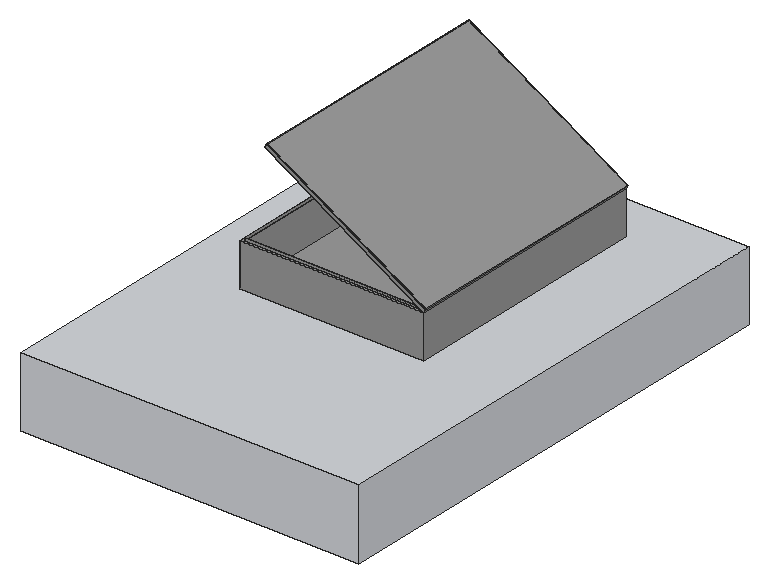
Revit family "Hager-Univers-IP44-D205-H1100-Cl.II-Encl-PT-pt", category Equipement électrique, Revit 2020
Family settings
  Hôte = Face
  Configuration du panneau = Deux colonnes, circuits au sein
  Cote de connecteur circulaire = Utiliser le diamètre
  Type d'élément = Tableau de raccordement
  Couper avec des vides une fois chargée = Non
  Partagée = Non
  Point de calcul de pièce = Non
Parameters (values of type "Montagem em superfície (gesso) IP44 L800 A1100 P205  - FP73SN2")
  Width Control [instance] = if([EF000008 - Largura] > Min Width, [EF000008 - Largura], Min Width)  # 800 mm
  Commentaires du type = [HG000003 - Gama]  # "Univers"
  Thickness Door [instance] = if([EF009171 - Espessura do material da porta/tampa] > 3 mm, 3 mm, [EF009171 - Espessura do material da porta/tampa])  # 1 mm
  Seal Frame Offset [instance] = 17 mm  # constant formula
  Plinth Visibility [instance] = [HG000027 - Altura da Plinta] > 0 mm  # no
  Model = ""
  Min Width [instance] = 100 mm  # constant formula
  Min Height [instance] = 100 mm  # constant formula
  Min Depth [instance] = (2 * [EF009170 - Espessura do material do invólucro]) + 1 mm  # 3 mm
  Internal Frame Depth [instance] = (Door System Depth * 0.5)  # 9 mm
  Height Control [instance] = if([EF000040 - Altura] > Min Height, [EF000040 - Altura], Min Height)  # 1100 mm
  HG000027 - Altura da Plinta = 0 mm
  HG000026 - Instalação no chão = no
  HG000024 - Altura da secção inferior = 800 mm
  HG000023 - Recinto de secção dupla = no
  HG000016 - Visibilidade da porta 3D [instance] = yes
  HG000015 - Visibilidade através da porta [instance] = no
  HG000014 - Porta à direita [instance] = yes
  HG000013 - Porta à esquerda [instance] = not([HG000014 - Porta à direita])  # no
  HG000012 - Ângulo de abertura de porta [instance] = 30.00°
  HG000010 - Portas assimétricas = no
  HG000009 - Porta dupla = no
  HG000006 - Encastrado = no
  HG000004 - Referência do Fabricante = "FP73SN2"
  HG000003 - Gama = "Univers"
  HG000002 - Com porta ou tampa = yes
  Frame Offset Bottom [instance] = 10 mm  # constant formula
  Frame Offset [instance] = 15 mm  # constant formula
  EF015940 - Tampa com libertação de sobrepressão = no
  EF011959 - Grau de proteção (NEMA) = ""
  EF009554 - Número de aberturas para placas de flange = 6
  Fabricant = "Hager"  # constant formula
  EF009212 - Tipo de tampa = "EV000116 - Fechado"
  EF009171 - Espessura do material da porta/tampa = 1 mm
  EF009170 - Espessura do material do invólucro = 1 mm
  EF008873 - Corrente nominal (In) = 250 A
  EF007800 - Adequado para proteção contra raios = no
  EF006306 - Com fecho = no
  EF006244 - Tampa/porta transparente = no
  EF005474 - Grau de proteção (IP) = "EV006418 - IP44"
  EF004464 - Tipo de porta = "EV002646 - Único"
  EF004427 - Número de módulos = 252
  EF004293 - Força de impacto = "EV006815 - IK09"
  EF003532 - Adequado para uso no exterior = no
  EF002950 - Largura em número de módulos = 36
  EF001613 - Integridade do circuito = "EV000494 - Nenhum"
  EF001596 - Material do corpo = "EV000179 - Aço"
  EF001131 - Profundidade interior = 143 mm
  EF001088 - Extensão possível = yes
  EF000437 - Número de entradas de condutores = 6
  EF000339 - Tipo de difusor = "EV001012 - Tampa"
  EF000266 - Número de linhas = 7
  EF000218 - Profundidade incorporada = 205 mm
  EF000118 - Com tampa de montagem = no
  EF000116 - Número RAL = "9010"
  EF000049 - Profundidade = 205 mm
  EF000040 - Altura = 1100 mm
  EF000008 - Largura = 800 mm
  EF000007 - Cor = "EV000202 - Branco"
  EF000003 - Método de montagem = "EV000384 - Montagem em superfície (gesso)"
  Door System Leaf Tolerance [instance] = 1.5 mm  # constant formula
  Door System Depth [instance] = 18 mm  # constant formula
  Door Height [instance] = Height Control - [HG000027 - Altura da Plinta]  # 1100 mm
  Depth Control [instance] = if([EF000049 - Profundidade] > Min Depth, [EF000049 - Profundidade], Min Depth)  # 205 mm
  Default Elevation = 0 mm
  Connector Offset [instance] = Height Control / 2  # 550 mm
  Bottom Top Plate Trim [instance] = 1.5 mm  # constant formula
  Plinth height Ctrl [instance] = if([HG000027 - Altura da Plinta] > 0 mm, [HG000027 - Altura da Plinta], 12 mm)  # 12 mm
Types (5, lengths in mm): name | Width Control | HG000010 - Portas assimétricas | HG000009 - Porta dupla | HG000004 - Referência do Fabricante | EF009554 - Número de aberturas para placas de flange | EF004464 - Tipo de porta | EF004427 - Número de módulos | EF002950 - Largura em número de módulos | EF000437 - Número de entradas de condutores | EF000008 - Largura
  Montagem em superfície (gesso) IP44 L1050 A1100 P205  - FP74SN2 | 1050 | no | yes | "FP74SN2" | 8 | "EV003602 - Duplo" | 336 | 48 | 8 | 1050
  Montagem em superfície (gesso) IP44 L1300 A1100 P205  - FP75SN2 | 1300 | yes | yes | "FP75SN2" | 10 | "EV003602 - Duplo" | 420 | 60 | 10 | 1300
  Montagem em superfície (gesso) IP44 L300 A1100 P205  - FP71SN2 | 300 | no | no | "FP71SN2" | 2 | "EV002646 - Único" | 84 | 12 | 2 | 300
  Montagem em superfície (gesso) IP44 L550 A1100 P205  - FP72SN2 | 550 | no | no | "FP72SN2" | 4 | "EV002646 - Único" | 168 | 24 | 4 | 550
  Montagem em superfície (gesso) IP44 L800 A1100 P205  - FP73SN2 | 800 | no | no | "FP73SN2" | 6 | "EV002646 - Único" | 252 | 36 | 6 | 800
Reference planes
  plane 1 "Center (Front/Back)": y = 0
  plane 2: z = 0
  plane 3 "Center (Left/Right)": x = 0
  plane 4: z = 205
  plane 5: y = 1
  plane 6: y = 550
  plane 7: y = 0
  plane 8: y = 1100
  plane 9: z = 0
  plane 10: x = -385
  plane 11: x = 385
  plane 12: x = 384
  plane 13: x = -384
  plane 14: y = 1099
  plane 15: x = -383
  plane 16: x = -400
  plane 17: x = 383
  plane 18: x = 400
  plane 19: x = 399
  plane 20: x = -399
  plane 21: y = 11
  plane 22: y = 1100
  plane 23: y = 1084
  plane 24: z = 187
  plane 25: z = 1
  plane 26: z = 186
  plane 27: z = 204
Forms (mm)
  Extrusion 1, solid
    sketch origin (0, 0, 0) x (1, 0, 0) y (0, 1, 0)
      loop
        line (-702.964, 1305) -> (-702.964, -811.445) -> (766.763, -811.445) -> (766.763, 1305) -> (-702.964, 1305)
    from 0 to -304.8
  Extrusion 2, solid, material "Hager_Steel_RAL7035_Light_Grey", visible <- "Plinth Visibility", detail levels medium+fine
    sketch origin (0, 0, 0) x (1, 0, 0) y (0, 1, 0)
      loop
        line (-400, 0) -> (400, 0) -> (400, 12) -> (-400, 12) -> (-400, 0)
    from 0 to 187
  Extrusion 3, solid, material "Hager_Steel_RAL7035_Light_Grey", detail levels medium+fine
    sketch origin (0, 0, 0) x (1, 0, 0) y (0, 1, 0)
      loop
        line (-400, 0) -> (400, 0) -> (400, 1100) -> (-400, 1100) -> (-400, 0)
    from 0 to 187
  Extrusion 4, void
    sketch origin (0, 0, 0) x (1, 0, 0) y (0, 1, 0)
      loop
        line (-399, 1) -> (399, 1) -> (399, 1099) -> (-399, 1099) -> (-399, 1)
    from 1 to 186
  Extrusion 5, void
    sketch origin (-381.607, -4572, 187) x (0, -1, 0) y (-1, 0, 0)
      loop
        line (-4583, 2.393) -> (-5656, 2.393) -> (-5656, -765.607) -> (-4583, -765.607) -> (-4583, 2.393)
    from 0 to 1 <- "EF009170 - Espessura do material do invólucro"
  Extrusion 6, solid, material "Hager_Steel_RAL7035_Light_Grey", detail levels fine
    sketch origin (0, 0, 187) x (1, 0, 0) y (0, 1, 0)
      loop
        line (-384, 1084) -> (-384, 11) -> (384, 11) -> (384, 1084) -> (-384, 1084)
      loop
        line (-385, 10) -> (385, 10) -> (385, 1085) -> (-385, 1085) -> (-385, 10)
    from 0 to 9 <- "Internal Frame Depth"
  Extrusion 7, solid, material "Hager_Steel_RAL7035_Light_Grey", detail levels coarse
    sketch origin (0, 0, 0) x (1, 0, 0) y (0, 1, 0)
      loop
        line (-400, 0) -> (400, 0) -> (400, 1100) -> (-400, 1100) -> (-400, 0)
    from 0 to 205
  Sweep 8, void
    path in 3D
      loop
        line (-400, 12, 0) -> (400, 12, 0) -> (400, 12, 187) -> (-400, 12, 187) -> (-400, 12, 0)
    profile origin (-400, 12, 93.5) x (-1, 0, 0) y (0, -1, 0)
      loop
        line (0, 0) -> (0, 1.5) -> (-1.5, 1.5)
        arc (-1.5, 1.5) -> (-1.061, 0.439) -> (0, 0) r 1.5
Cuts and joins
  Extrusion 4, Extrusion 5 cuts Extrusion 3
  Sweep 8 cuts Extrusion 2
Lines and regions (mm)
  Masking region 1
    outline origin (0, 0, 0) x (1, 0, 0) y (0, 0, 1)
      loop
        line (-400, 205) -> (-400, 0) -> (400, 0) -> (400, 205) -> (-400, 205)
  Masking region 2, detail levels medium+fine
    outline origin (0, 140, 0) x (0, 1, 0) y (0, 0, 1)
      loop
        line (-140, 0) -> (960, 0) -> (960, 187) -> (-140, 187) -> (-140, 0)
  Masking region 3, not visible, detail levels medium+fine
    outline origin (0, 297.922, 0) x (0, 1, 0) y (0, 0, 1)
      loop
        line (263.578, 0) -> (303.578, 0) -> (303.578, 194)
        arc (303.578, 194) -> (300.649, 201.071) -> (293.578, 204) r 10
        line (293.578, 204) -> (263.578, 204) -> (263.578, 0)
  Masking region 4, detail levels coarse
    outline origin (0, 0, 180) x (0, 1, 0) y (0, 0, 1)
      loop
        line (0, -180) -> (1100, -180) -> (1100, 25) -> (0, 25) -> (0, -180)
  Masking region 5, visible <- "Plinth Visibility", detail levels medium+fine
    outline origin (0, 52.24, 12.345) x (0, 0, -1) y (0, 1, 0)
      loop
        line (10.845, -40.24) -> (-173.155, -40.24)
        arc (-173.155, -40.24) -> (-173.594, -41.301) -> (-174.655, -41.74) r 1.5
        line (-174.655, -41.74) -> (-174.655, -52.24) -> (12.345, -52.24) -> (12.345, -41.74)
        arc (12.345, -41.74) -> (11.285, -41.301) -> (10.845, -40.24) r 1.5
  Masking region 6, detail levels medium+fine
    outline origin (-381.607, -4572, 187) x (-1, 0, 0) y (0, -1, 0)
      loop
        line (18.393, -5672) -> (18.393, -4572) -> (-781.607, -4572) -> (-781.607, -5672) -> (18.393, -5672)
  Masking region 7, visible <- "Plinth Visibility", detail levels medium+fine
    outline origin (-381.607, -4727, 187) x (-1, 0, 0) y (0, -1, 0)
      loop
        arc (16.893, -4739) -> (17.332, -4737.939) -> (18.393, -4737.5) r 1.5
        line (18.393, -4737.5) -> (18.393, -4727) -> (-781.607, -4727) -> (-781.607, -4737.5)
        arc (-781.607, -4737.5) -> (-780.546, -4737.939) -> (-780.107, -4739) r 1.5
        line (-780.107, -4739) -> (16.893, -4739)
  Masking region 8, detail levels coarse
    outline origin (-442.548, -4669.526, 187) x (-1, 0, 0) y (0, -1, 0)
      loop
        line (-42.548, -5769.526) -> (-42.548, -4669.526) -> (-842.548, -4669.526) -> (-842.548, -5769.526) -> (-42.548, -5769.526)
  sketch lines
    curve 1: line (-400, 12, 187) -> (-400, 12, 0)
    curve 2: line (400, 12, 187) -> (-400, 12, 187)
    curve 3: line (400, 12, 187) -> (400, 12, 0)
    curve 4: line (-400, 12, 0) -> (400, 12, 0)
Dimensions and locks
  "Depth Control": plane 4 to Extrusion 1
  "HG000027 - Altura da Plinta": plane 1 "Center (Front/Back)" to plane 7
  "EF009170 - Espessura do material do invólucro": plane 5 to plane 7
  locked: connector elem to plane 3 "Center (Left/Right)"
  equal spacing: plane 8, plane 6, plane 7
  locked: connector elem to plane 6
  "EF009170 - Espessura do material do invólucro": plane 8 to plane 14
  "EF009170 - Espessura do material do invólucro": plane 10 to plane 13
  "EF009170 - Espessura do material do invólucro": plane 12 to plane 11
  "Frame Offset": plane 20 to plane 13
  "Frame Offset": plane 12 to plane 19
  "EF009170 - Espessura do material do invólucro": plane 16 to plane 20
  "EF009170 - Espessura do material do invólucro": plane 19 to plane 18
  "Seal Frame Offset": plane 16 to plane 15
  "Seal Frame Offset": plane 17 to plane 18
  "Frame Offset Bottom": plane 21 to plane 5
  "Frame Offset": plane 14 to plane 23
  equal spacing: plane 16, plane 3 "Center (Left/Right)", plane 18
  "Width Control": plane 16 to plane 18
  "EF009170 - Espessura do material do invólucro": plane 4 to plane 27
  "EF009170 - Espessura do material do invólucro": plane 24 to plane 26
  "EF009170 - Espessura do material do invólucro": plane 25 to level
  "Door System Depth": plane 4 to plane 24
  "Height Control": plane 1 "Center (Front/Back)" to Extrusion 7 sketch curve
  "Height Control": Masking region 4 sketch curve to plane 1 "Center (Front/Back)"
  "Height Control": plane 1 "Center (Front/Back)" to plane 22
  "Bottom Top Plate Trim": profile plane to Sweep 8 sketch curve
  "Bottom Top Plate Trim": Sweep 8 sketch curve to profile plane
  "Plinth height Ctrl": plane 1 "Center (Front/Back)" to Extrusion 2 sketch curve
  "Plinth height Ctrl": Masking region 5 sketch curve to plane 1 "Center (Front/Back)"
  "Plinth height Ctrl": plane 1 "Center (Front/Back)" to Masking region 7 sketch curve
  "Thickness Door": Extrusion 6 sketch curve to Extrusion 6 sketch curve  (x3)
  "Thickness Door": cut or joined group of Extrusion 3, Extrusion 4, Extrusion 5 to Extrusion 6 sketch curve
  radius of Masking region 3 sketch curve = 10 mm
  "Bottom Top Plate Trim": radius of Masking region 5 sketch curve  (x2)
  "Bottom Top Plate Trim": radius of Sweep 8 sketch curve
  "Bottom Top Plate Trim": radius of Masking region 7 sketch curve  (x2)
  aligned and locked: plane 2 to Extrusion 1
  aligned and locked: level to Extrusion 1
  aligned and locked: level to Masking region 1 sketch curve
  aligned and locked: Masking region 1 sketch curve to plane 18
  aligned and locked: Masking region 1 sketch curve to plane 16
  aligned and locked: plane 7 to Masking region 2 sketch curve
  aligned and locked: level to Masking region 3 sketch curve
  aligned and locked: Masking region 3 sketch curve to plane 27
  aligned and locked: level to Masking region 2 sketch curve
  aligned and locked: plane 1 "Center (Front/Back)" to Extrusion 2 sketch curve
  aligned and locked: Extrusion 3 sketch curve to plane 7
  aligned and locked: plane 16 to Extrusion 3 sketch curve
  aligned and locked: plane 18 to Extrusion 3 sketch curve
  aligned and locked: plane 20 to Extrusion 4 sketch curve
  aligned and locked: plane 19 to Extrusion 4 sketch curve
  aligned and locked: Extrusion 4 sketch curve to plane 5
  aligned and locked: Extrusion 4 to plane 25
  aligned and locked: plane 26 to Extrusion 4
  aligned and locked: plane 24 to Extrusion 3
  aligned and locked: Extrusion 5 sketch curve to plane 21
  aligned and locked: Extrusion 5 sketch curve to plane 13
  aligned and locked: Extrusion 5 sketch curve to plane 12
  aligned and locked: plane 18 to Extrusion 7 sketch curve
  aligned and locked: plane 1 "Center (Front/Back)" to Extrusion 7 sketch curve
  aligned and locked: plane 16 to Extrusion 7 sketch curve
  aligned and locked: plane 4 to Extrusion 7
  aligned and locked: Extrusion 7 to level
  aligned and locked: level to Masking region 4 sketch curve
  aligned and locked: Masking region 4 sketch curve to plane 1 "Center (Front/Back)"
  aligned and locked: Masking region 4 sketch curve to plane 4
  aligned and locked: nested 1 to level
  aligned and locked: nested 1 to plane 16
  aligned and locked: plane 8 to Extrusion 3 sketch curve
  aligned and locked: plane 23 to Extrusion 5 sketch curve
  aligned and locked: plane 14 to Extrusion 4 sketch curve
  aligned and locked: Masking region 2 sketch curve to plane 8
  aligned and locked: level to Masking region 5 sketch curve
  aligned and locked: plane 16 to Extrusion 2 sketch curve
  aligned and locked: plane 18 to Extrusion 2 sketch curve
  aligned and locked: Masking region 5 sketch curve to plane 24
  aligned and locked: Masking region 2 sketch curve to plane 24
  aligned and locked: plane 24 to Extrusion 2
  aligned and locked: profile plane to Sweep 8 sketch curve  (x2)
  aligned and locked: Masking region 6 sketch curve to plane 18
  aligned and locked: Masking region 6 sketch curve to plane 22
  aligned and locked: Masking region 6 sketch curve to plane 16
  aligned and locked: plane 8 to plane 22
  aligned and locked: Masking region 6 sketch curve to plane 7
  aligned and locked: Masking region 7 sketch curve to plane 16
  aligned and locked: Masking region 7 sketch curve to plane 1 "Center (Front/Back)"
  aligned and locked: Masking region 7 sketch curve to plane 18
  aligned and locked: Masking region 8 sketch curve to plane 1 "Center (Front/Back)"
  aligned and locked: Masking region 8 sketch curve to plane 18
  aligned and locked: Masking region 8 sketch curve to plane 22
  aligned and locked: Masking region 8 sketch curve to plane 16
  aligned and locked: nested 2 to plane 7
  aligned and locked: plane 3 "Center (Left/Right)" to nested 2
  aligned and locked: nested 2 to plane 24
  aligned and locked: Extrusion 6 sketch curve to cut or joined group of Extrusion 3, Extrusion 4, Extrusion 5  (x4)
Automatic sketch dimensions
  Extrusion 1 sketch curve to Extrusion 1 sketch curve = 1469.727 mm
  Extrusion 1 sketch curve to Extrusion 1 sketch curve = 2116.445 mm
  Masking region 1 sketch curve to plane 4 = 0 mm
  plane 6 to Masking region 3 sketch curve = 11.5 mm
  Masking region 3 sketch curve to Masking region 3 sketch curve = 30 mm
  Masking region 5 sketch curve to plane 1 "Center (Front/Back)" = 0 mm
Nested families
  nested 1: "Hager_Enclosure_Symbol" at (-400, 0, 0) x (1, 0, 0) z (0, -1, 0), Height <- "Depth Control", Width <- "Width Control", type "Hager_Enclosure_Symbol"
    with Width_Ctrl 800 mm, Width 800 mm, Height_Ctrl 205 mm, Height 205 mm, A_Width_Int 13.453 mm, A_Width 161.438 mm, A_Height_Ctrl 179.375 mm, A_Height 179.375 mm
  nested 2: "EC000058_Univers_Door" at (0, 0, 187) x (1, 0, 0) z (0, 1, 0), Leaf_Tolerance <- "Door System Leaf Tolerance", Angle <- "HG000012 - Ângulo de abertura de porta", Door_Depth <- "Door System Depth", Door_Left <- "HG000013 - Porta à esquerda", Transparent <- "EF006244 - Tampa/porta transparente", Assymetrical <- "HG000010 - Portas assimétricas", Width <- "Width Control", Clearance <- "HG000015 - Visibilidade através da porta", Double <- "HG000009 - Porta dupla", 3d_Door <- "HG000016 - Visibilidade da porta 3D", Lock_Visibility <- "EF006306 - Com fecho", Width_Ctrl <- "Width Control", Door_Right <- "HG000014 - Porta à direita", Door <- "HG000002 - Com porta ou tampa", Height <- "Door Height", Thickness <- "Thickness Door", type "EC000058_Univers_Door", detail levels medium+fine
    with min_wh 3 mm, Width_Ctrl 800 mm, Width 800 mm, Transparent no, Thickness 1 mm, Seal_Material Hager_Rubber, Lock_Visibility no, Lock_Material Hager_Plastic_RAL9005_Jet_Black, Leaf_Width 800 mm, Leaf_Tolerance_External_Sides 0 mm, Leaf_Tolerance 1.5 mm, Leaf_Offset 0 mm, Leaf_Height 1097 mm, Leaf_2_Width 800 mm, Leaf_2_Offset 400 mm, Leaf_1_Width 800 mm, Leaf_1_Offset 400 mm, Height_Ctrl 1100 mm, Height 1100 mm, Glass_Material Hager_Glass, Double_Clearance_Ctrl no, Double no, Door_Right_Ctrl yes, Door_Right yes, Door_Material Hager_Steel_RAL7035_Light_Grey, Door_Left_Ctrl no, Door_Left no, Door_Depth 18 mm, Door yes, Clearance_Material Hager_Clearance, Clearance_Depth 800 mm, Clearance_Ctrl no, Clearance no, Assymetrical no, Angle 30.00°, 3d_Door yes
Connectors
  electrical at (0, 550, 0)
    settings: on plane 9, index 1, voltage 0 V, apparent load 0 VA, apparent load phase1 0 VA, apparent load phase2 0 VA, apparent load phase3 0 VA, power factor 1, load classification "Other", number of poles 1, system type 30, power factor state 1, is connector primary yes, connector utility no, sub classification motor no, connector description ""
Definition of nested family "EC000058_Univers_Door"
  Parameters (values of type "EC000058_Univers_Door")
    min_wh [instance] = (2 * Thickness) + 1 mm  # 11 mm
    Width_Ctrl [instance] = 400 mm
    Width [instance] = 500 mm
    Transparent [instance] = yes
    Thickness [instance] = 5 mm
    Seal_Material [instance] = none
    Lock_Visibility [instance] = yes
    Lock_Material [instance] = none
    Leaf_Width [instance] = if((Width_Ctrl - 2 * Leaf_Tolerance_External_Sides) > 0 mm, (Width_Ctrl - 2 * Leaf_Tolerance_External_Sides), min_wh)  # 400 mm
    Leaf_Tolerance_External_Sides [instance] = 0 mm  # constant formula
    Leaf_Tolerance [instance] = 1.5 mm
    Leaf_Offset [instance] = 0 mm  # constant formula
    Leaf_Height [instance] = if((Height_Ctrl - 2 * Leaf_Tolerance) > 0 mm, (Height_Ctrl - 2 * Leaf_Tolerance), min_wh)  # 497 mm
    Leaf_2_Width [instance] = if(and(and(Double, Assymetrical), Door_Left), (Leaf_Width / 3) - (Leaf_Tolerance / 2), if(and(and(Double, Assymetrical), Door_Right), (Leaf_Width / 3) * 2 - (Leaf_Tolerance / 2), if(and(Double, not(Assymetrical)), (Leaf_Width / 2) - Leaf_Tolerance, Leaf_Width)))  # 400 mm
    Leaf_2_Offset [instance] = if(and(Double, Assymetrical), Leaf_2_Width / 2, if(and(Double, not(Assymetrical)), Leaf_Width / 4, Leaf_Width / 2))  # 200 mm
    Leaf_1_Width [instance] = if(and(and(Double, Assymetrical), Door_Right), (Leaf_Width / 3) - (Leaf_Tolerance / 2), if(and(and(Double, Assymetrical), Door_Left), (Width / 3) * 2 - (Leaf_Tolerance / 2), if(and(Double, not(Assymetrical)), (Leaf_Width / 2) - Leaf_Tolerance, Leaf_Width)))  # 400 mm
    Leaf_1_Offset [instance] = if(and(Double, Assymetrical), Leaf_1_Width / 2, if(and(Double, not(Assymetrical)), Leaf_Width / 4, Leaf_Width / 2))  # 200 mm
    Height_Ctrl [instance] = if(Height > min_wh, Height, min_wh)  # 500 mm
    Height [instance] = 500 mm
    Glass_Material [instance] = none
    Double_Clearance_Ctrl [instance] = and(Double, Clearance)  # no
    Double [instance] = no
    Door_Right_Ctrl [instance] = and(or(Door_Right, Double), Door)  # yes
    Door_Right [instance] = yes
    Door_Material [instance] = none
    Door_Left_Ctrl [instance] = and(or(Door_Left, Double), Door)  # no
    Door_Left [instance] = no
    Door_Depth [instance] = 30 mm
    Door [instance] = yes
    Default Elevation = 1219.2 mm
    Clearance_Material [instance] = none
    Clearance_Depth [instance] = if(Leaf_1_Width > Leaf_2_Width, Leaf_1_Width, Leaf_2_Width)  # 400 mm
    Clearance_Ctrl [instance] = and(not(Double), Clearance)  # yes
    Clearance [instance] = yes
    Assymetrical [instance] = yes
    Angle [instance] = 30.00°
    3d_Door [instance] = yes
  Reference planes
    plane 1 "Center (Front/Back)": y = 0
    plane 2 "Bottom": z = 0
    plane 3 "Center (Left/Right)": x = 0
    plane 4: z = 500
    plane 5: x = -200
    plane 6: x = 200
    plane 7: z = 500
    plane 8: x = -200
    plane 9: z = 0
    plane 10: x = 200
    plane 11: y = 0
    plane 12: z = 1.5
    plane 13: x = -600
    plane 14: y = -400
    plane 15: x = 600
    plane 16: x = 0
    plane 17: x = 0
    plane 18: x = -200
    plane 19: x = 200
    plane 20: z = 498.5
  Forms (mm)
    Extrusion 1, solid, material <- "Clearance_Material", visible <- "Double_Clearance_Ctrl"
      sketch origin (1200, 0, 0) x (1, 0, 0) y (0, 0, -1)
        loop
          line (-1800, -498.5) -> (-600, -498.5) -> (-600, 0) -> (-1800, 0) -> (-1800, -498.5)
      from 0 to -400
  Dimensions and locks
    equal spacing: plane 5, plane 3 "Center (Left/Right)", plane 6
    "Width_Ctrl": plane 5 to plane 6
    "Leaf_Offset": plane 5 to plane 8
    "Leaf_Offset": plane 6 to plane 10
    "Leaf_Offset": plane 9 to level
    "Leaf_Offset": plane 4 to plane 7
    "Height_Ctrl": plane 4 to level
    "Leaf_Tolerance": plane 12 to plane 9
    locked: plane 11 to plane 1 "Center (Front/Back)"
    "Leaf_1_Offset": plane 18 to plane 16
    "Leaf_2_Offset": plane 17 to plane 19
    "Leaf_1_Width": plane 13 to plane 8
    "Leaf_2_Width": plane 10 to plane 15
    "Clearance_Depth": plane 14 to plane 1 "Center (Front/Back)"
    "Leaf_Tolerance_External_Sides": plane 8 to plane 18
    "Leaf_Tolerance_External_Sides": plane 19 to plane 10
    "Leaf_Tolerance": plane 7 to plane 20
    aligned and locked: level to plane 2 "Bottom"
    aligned and locked: nested 1 to plane 16
    aligned and locked: nested 2 to plane 17
    aligned and locked: Extrusion 1 to plane 13
    aligned and locked: plane 15 to Extrusion 1
    aligned and locked: Extrusion 1 to plane 14
    aligned and locked: plane 12 to nested 1
    aligned and locked: nested 2 to plane 12
    aligned and locked: Extrusion 1 to plane 11
    aligned and locked: plane 20 to Extrusion 1
    aligned and locked: nested 2 to plane 11
    aligned and locked: nested 1 to plane 11
  Automatic sketch dimensions
    Extrusion 1 sketch curve to level = 0 mm
    plane 5 to Extrusion 1 sketch curve = 400 mm
    plane 6 to Extrusion 1 sketch curve = 400 mm
    Extrusion 1 sketch curve to plane 4 = 1.5 mm
  Nested families
    nested 1: "EC000058_Univers_Door_Leaf" at (0, 0, 1.5), Width <- "Leaf_1_Width", visible <- "Door_Left_Ctrl", Leaf_Height <- "Leaf_Height", Angle <- "Angle", 3d_Door <- "3d_Door", Transparent <- "Transparent", Clearance Material <- "Clearance_Material", Clearance <- "Clearance_Ctrl", Door_Material <- "Door_Material", Glass_Material <- "Glass_Material", Door_Depth <- "Door_Depth", Lock_Material <- "Lock_Material", Seal_Material <- "Seal_Material", Lock_Visibility <- "Lock_Visibility", Thickness <- "Thickness", type "EC000058_Univers_Door_Leaf"
      with Width 400 mm, Transparent_Glass_Offset 30 mm, Transparent_Ctrl yes, Transparent yes, Thickness 5 mm, Standard no, Seal_Material none, Seal_D2 8 mm, Seal_D1 1 mm, Offset_Internal_Frame 10 mm, Lock_Width 20 mm, Lock_Visibility_3d yes, Lock_Visibility yes, Lock_Thickness_3 3 mm, Lock_Thickness_2 1 mm, Lock_Thickness_1 3 mm, Lock_Radius_Offset_2 16 mm, Lock_Radius_Offset_1 15 mm, Lock_Radius_2 5 mm, Lock_Radius 6 mm, Lock_Offset 5 mm, Lock_Material none, Lock_Height 80 mm, Lock_Cover_Top_Offset_2d 17 mm, Lock_Cover_Height -65 mm, Leaf_Height 497 mm, Internal_Seal_Thickness 8 mm, Internal_Seal_Depth_2 4.5 mm, Internal_Frame_Depth 25 mm, Glass_Thickness -1 mm, Glass_Offset -2 mm, Glass_Material none, Door_Material none, Door_Depth 30 mm, Clearance Material none, Clearance yes, Angle_Ctrl 30.00°, Angle 30.00°, 3d_Door yes
    nested 2: "EC000058_Univers_Door_Leaf" at (0, 0, 1.5) x (-1, 0, 0) z (0, 0, 1), Width <- "Leaf_2_Width", visible <- "Door_Right_Ctrl", Leaf_Height <- "Leaf_Height", Angle <- "Angle", 3d_Door <- "3d_Door", Transparent <- "Transparent", Clearance Material <- "Clearance_Material", Clearance <- "Clearance_Ctrl", Door_Material <- "Door_Material", Glass_Material <- "Glass_Material", Door_Depth <- "Door_Depth", Lock_Material <- "Lock_Material", Seal_Material <- "Seal_Material", Lock_Visibility <- "Lock_Visibility", Thickness <- "Thickness", type "EC000058_Univers_Door_Leaf"
      with Width 400 mm, Transparent_Glass_Offset 30 mm, Transparent_Ctrl yes, Transparent yes, Thickness 5 mm, Standard no, Seal_Material none, Seal_D2 8 mm, Seal_D1 1 mm, Offset_Internal_Frame 10 mm, Lock_Width 20 mm, Lock_Visibility_3d yes, Lock_Visibility yes, Lock_Thickness_3 3 mm, Lock_Thickness_2 1 mm, Lock_Thickness_1 3 mm, Lock_Radius_Offset_2 16 mm, Lock_Radius_Offset_1 15 mm, Lock_Radius_2 5 mm, Lock_Radius 6 mm, Lock_Offset 5 mm, Lock_Material none, Lock_Height 80 mm, Lock_Cover_Top_Offset_2d 17 mm, Lock_Cover_Height -65 mm, Leaf_Height 497 mm, Internal_Seal_Thickness 8 mm, Internal_Seal_Depth_2 4.5 mm, Internal_Frame_Depth 25 mm, Glass_Thickness -1 mm, Glass_Offset -2 mm, Glass_Material none, Door_Material none, Door_Depth 30 mm, Clearance Material none, Clearance yes, Angle_Ctrl 30.00°, Angle 30.00°, 3d_Door yes
  Definition of nested family "EC000058_Univers_Door_Leaf"
    Parameters (values of type "EC000058_Univers_Door_Leaf")
      Width [instance] = 2000 mm
      Transparent_Glass_Offset [instance] = 30 mm
      Transparent_Ctrl [instance] = and(Transparent, [3d_Door])  # yes
      Transparent [instance] = yes
      Thickness [instance] = 5 mm
      Standard [instance] = and(not(Transparent), [3d_Door])  # no
      Seal_Material [instance] = none
      Seal_D2 [instance] = 8 mm  # constant formula
      Seal_D1 [instance] = 1 mm  # constant formula
      Offset_Internal_Frame [instance] = 10 mm  # constant formula
      Lock_Width [instance] = 20 mm  # constant formula
      Lock_Visibility_3d [instance] = and(Lock_Visibility, [3d_Door])  # yes
      Lock_Visibility [instance] = yes
      Lock_Thickness_3 [instance] = 3 mm  # constant formula
      Lock_Thickness_2 [instance] = 1 mm  # constant formula
      Lock_Thickness_1 [instance] = 3 mm  # constant formula
      Lock_Radius_Offset_2 [instance] = Lock_Radius_Offset_1 + 1 mm  # 16 mm
      Lock_Radius_Offset_1 [instance] = 15 mm  # constant formula
      Lock_Radius_2 [instance] = Lock_Radius - 1 mm  # 5 mm
      Lock_Radius [instance] = 6 mm  # constant formula
      Lock_Offset [instance] = 5 mm  # constant formula
      Lock_Material [instance] = none
      Lock_Height [instance] = 80 mm  # constant formula
      Lock_Cover_Top_Offset_2d [instance] = Lock_Radius_Offset_2 + 1 mm  # 17 mm
      Lock_Cover_Height [instance] = -(Lock_Height - Lock_Radius_Offset_1)  # -65 mm
      Leaf_Height [instance] = 2720.336 mm
      Internal_Seal_Thickness [instance] = 8 mm  # constant formula
      Internal_Seal_Depth_2 [instance] = 4.5 mm  # constant formula
      Internal_Frame_Depth [instance] = if(Door_Depth - Thickness > 5 mm, Door_Depth - Thickness, 5 mm)  # 25 mm
      Glass_Thickness [instance] = if(Thickness > 15 mm, Glass_Offset + 10 mm, -1 mm)  # -1 mm
      Glass_Offset [instance] = if(Thickness > 15 mm, -(Thickness + 10 mm) / 2, -2 mm)  # -2 mm
      Glass_Material [instance] = none
      Door_Material [instance] = none
      Door_Depth [instance] = 30 mm
      Default Elevation = 0 mm
      Clearance Material [instance] = none
      Clearance [instance] = yes
      Angle_Ctrl [instance] = if(Angle > 180.00°, 180.00°, Angle)  # 90.00°
      Angle [instance] = 90.00°
      3d_Door [instance] = yes
    Reference planes
      plane 1 "Center (Front/Back)": y = 0
      plane 2: z = 0
      plane 3 "Center (Left/Right)": x = 0
      plane 4: y = 2000
      plane 5: x = -1000
      plane 6: x = 1000
      plane 7: x = -3000
      plane 8: z = 2720.336
      plane 9: z = 30
      plane 10: z = 2690.336
      plane 11: x = 970
      plane 12: x = -970
      plane 13: y = -3
      plane 14: z = 107.833
      plane 15: y = -5
      plane 16: y = -223.314
      plane 17: x = -1000
      plane 18: z = 1360.168
      plane 19: y = 30
    Forms (mm)
      Extrusion 1, solid, material <- "Clearance Material", visible <- "Clearance"
        sketch origin (0, 0, 0) x (1, 0, 0) y (0, 0, 1)
          loop
            line (-3000, 2720.336) -> (-3000, 0) -> (1000, 0) -> (1000, 2720.336) -> (-3000, 2720.336)
        from 0 to -2000
      Extrusion 2, solid, material <- "Door_Material", visible <- "Standard", detail levels medium+fine
        sketch origin (-1000, 0, 0) x (0, 1, 0) y (-1, 0, 0)
          loop
            line (0, 30) -> (0, 25) -> (2000, 25) -> (2000, 30) -> (0, 30)
        from 0 to 2720.336 <- "Leaf_Height"
      Extrusion 3, solid, material <- "Door_Material", visible <- "Transparent_Ctrl", detail levels medium+fine
        sketch origin (-1000, 0, 0) x (0, 1, 0) y (-1, 0, 0)
          loop
            line (0, 25) -> (2000, 25) -> (2000, 30) -> (0, 30) -> (0, 25)
        from 0 to 2720.336 <- "Leaf_Height"
      Extrusion 4, void
        sketch origin (-1025, 2000, 0) x (0, 1, 0) y (0, 0, -1)
          loop
            line (-30, -2690.336) -> (-30, -30) -> (-1970, -30) -> (-1970, -2690.336) -> (-30, -2690.336)
        from 0 to 5 <- "Thickness"
      Sweep 5, solid, material <- "Seal_Material", visible <- "Transparent_Ctrl", detail levels fine
        path in 3D
          loop
            line (-1025, 30, 30) -> (-1025, 30, 2690.336) -> (-1025, 1970, 2690.336) -> (-1025, 1970, 30) -> (-1025, 30, 30)
        profile origin (-1025, 1000, 30) x (1, 0, 0) y (0, 0, 1)
          loop
            line (0, 0) -> (0, -8) -> (1, -8) -> (1, 0) -> (0, 0)
      Extrusion 6, solid, material <- "Glass_Material", visible <- "Transparent_Ctrl", detail levels medium+fine
        sketch origin (-1030, 0, 0) x (0, 1, 0) y (0, 0, -1)
          loop
            line (1970, -2690.336) -> (1970, -30) -> (30, -30) -> (30, -2690.336) -> (1970, -2690.336)
        from -2 <- "Glass_Offset" to -1 <- "Glass_Thickness"
      Extrusion 7, solid, material <- "Door_Material", visible <- "3d_Door", detail levels medium+fine
        sketch origin (-1025, 2000, 0) x (0, -1, 0) y (0, 0, -1)
          loop
            line (0, -2720.336) -> (2000, -2720.336) -> (2000, 0) -> (0, 0) -> (0, -2720.336)
          loop
            line (1995, -5) -> (5, -5) -> (5, -2715.336) -> (1995, -2715.336) -> (1995, -5)
        from 0 to 25 <- "Internal_Frame_Depth"
      Sweep 8, solid, material <- "Seal_Material", visible <- "Transparent_Ctrl", detail levels fine
        path in 3D
          loop
            line (-1025, 0, 0) -> (-1025, 2000, 0) -> (-1025, 2000, 2720.336) -> (-1025, 0, 2720.336) -> (-1025, 0, 0)
        profile origin (-1025, 0, 1360.168) x (1, 0, 0) y (0, 1, 0)
          loop
            line (0, 10) -> (2.975, 10)
            arc (2.975, 10) -> (4.053, 10.447) -> (4.5, 11.525) r 1.525
            line (4.5, 11.525) -> (4.5, 16.527)
            arc (4.5, 16.527) -> (4.069, 17.569) -> (3.027, 18) r 1.473
            line (3.027, 18) -> (0, 18) -> (0, 10)
      Extrusion 9, solid, material <- "Lock_Material", visible <- "Lock_Visibility_3d", detail levels fine
        sketch origin (-1030, 0, 0) x (0, 1, 0) y (0, 0, -1)
          loop
            arc (1993.5, -1400.168) -> (1994.561, -1399.729) -> (1995, -1398.668) r 1.5
            line (1995, -1398.668) -> (1995, -1320.168) -> (1975, -1320.168) -> (1975, -1398.668)
            arc (1975, -1398.668) -> (1975.439, -1399.729) -> (1976.5, -1400.168) r 1.5
            line (1976.5, -1400.168) -> (1993.5, -1400.168)
        from 3 <- "Lock_Thickness_1" to 0
      Blend 10, solid, material <- "Lock_Material", visible <- "Lock_Visibility_3d", detail levels fine
        base sketch origin (-1033, 0, 0) x (0, 1, 0) y (0, 0, -1)
          loop
            line (1975, -1320.168) -> (1975, -1398.668)
            arc (1975, -1398.668) -> (1975.439, -1399.729) -> (1976.5, -1400.168) r 1.5
            line (1976.5, -1400.168) -> (1993.5, -1400.168)
            arc (1993.5, -1400.168) -> (1994.561, -1399.729) -> (1995, -1398.668) r 1.5
            line (1995, -1398.668) -> (1995, -1320.168) -> (1975, -1320.168)
        top sketch origin (-1033, 0, 0) x (0, 1, 0) y (0, 0, -1)
          loop
            line (1976, -1320.168) -> (1976, -1398.668)
            arc (1976, -1398.668) -> (1976.146, -1399.022) -> (1976.5, -1399.168) r 0.5
            line (1976.5, -1399.168) -> (1993.5, -1399.168)
            arc (1993.5, -1399.168) -> (1993.854, -1399.022) -> (1994, -1398.668) r 0.5
            line (1994, -1398.668) -> (1994, -1320.168) -> (1976, -1320.168)
        from 0 to 1 <- "Lock_Thickness_2"
      Blend 11, solid, material <- "Lock_Material", visible <- "Lock_Visibility_3d", detail levels fine
        base sketch origin (-1034, 0, 0) x (0, 1, 0) y (0, 0, -1)
          loop
            line (1978, -1320.168) -> (1978, -1384.168)
            arc (1978, -1384.168) -> (1985, -1391.168) -> (1992, -1384.168) r 7
            line (1992, -1384.168) -> (1992, -1320.168) -> (1978, -1320.168)
        top sketch origin (-1034, 0, 0) x (0, 1, 0) y (0, 0, -1)
          loop
            line (1991, -1320.168) -> (1979, -1320.168) -> (1979, -1383.168)
            arc (1979, -1383.168) -> (1985, -1389.168) -> (1991, -1383.168) r 6
            line (1991, -1383.168) -> (1991, -1320.168)
        from 0 to 3 <- "Lock_Thickness_3"
      Extrusion 12, solid, material <- "Lock_Material", visible <- "Lock_Visibility_3d", detail levels fine
        sketch origin (-1030, 1975, 1320.168) x (1, 0, 0) y (0, -1, 0)
          loop
            line (-7, -19) -> (-7, -1) -> (0, -1) -> (0, 0) -> (-8, 0) -> (-8, -20) -> (0, -20) -> (0, -19) -> (-7, -19)
        from 0 to -65 <- "Lock_Cover_Height"
      Extrusion 13, void
        sketch origin (-1038, 1995, 1320.168) x (-1, 0, 0) y (0, 0, -1)
          loop
            line (-5, -65) -> (0, -65) -> (-5, -60) -> (-5, -65)
        from 0 to 20 <- "Lock_Width"
      Extrusion 14, void
        sketch origin (-1038, 1975, 1320.168) x (0, -1, 0) y (0, 0, -1)
          loop
            circle (-10, -15.995) r 6
          loop
            circle (-10, -15.995) r 5
        from 0 to 2
      Extrusion 15, solid, material <- "Lock_Material", visible <- "Lock_Visibility_3d", detail levels medium
        sketch origin (-1030, 0, 0) x (0, 1, 0) y (0, 0, -1)
          loop
            arc (1993.5, -1400.168) -> (1994.561, -1399.729) -> (1995, -1398.668) r 1.5
            line (1995, -1398.668) -> (1995, -1320.168) -> (1975, -1320.168) -> (1975, -1398.668)
            arc (1975, -1398.668) -> (1975.439, -1399.729) -> (1976.5, -1400.168) r 1.5
            line (1976.5, -1400.168) -> (1993.5, -1400.168)
        from 8 to 0
    Cuts and joins
      Extrusion 4 cuts Extrusion 3
      Extrusion 13, Extrusion 14 cuts Extrusion 9
      Extrusion 14 cuts Blend 11
      Extrusion 13, Extrusion 14 cuts Extrusion 12
      joined: Extrusion 9, Blend 10, Blend 11, Extrusion 12
      Extrusion 14 cuts Extrusion 15
    Lines and regions (mm)
      Masking region 1, visible <- "Lock_Visibility", detail levels fine
        outline origin (0, 0, 0) x (0, 1, 0) y (0, 0, 1)
          loop
            line (30, 1320.168) -> (33, 1320.168) -> (33, 1400.168) -> (30, 1400.168) -> (30, 1320.168)
      Masking region 2, visible <- "Lock_Visibility", detail levels fine
        outline origin (0, 3.143, 0) x (0, 1, 0) y (0, 0, 1)
          loop
            line (29.857, 1354.168) -> (30.857, 1354.168) -> (30.857, 1366.168) -> (29.857, 1366.168) -> (29.857, 1354.168)
      Masking region 3, detail levels medium+fine
        outline origin (0, 0, 0) x (0, 1, 0) y (0, 0, 1)
          loop
            line (0, 0) -> (30, 0) -> (30, 2720.336) -> (0, 2720.336) -> (0, 0)
      Masking region 4, detail levels medium+fine
        outline origin (0, 0, 0) x (1, 0, 0) y (0, 0, 1)
          loop
            line (-1000, 2720.336) -> (-1000, 0) -> (1000, 0) -> (1000, 2720.336) -> (-1000, 2720.336)
      Masking region 5, visible <- "Lock_Visibility", detail levels fine
        outline origin (-47.116, 0, 0) x (1, 0, 0) y (0, 0, 1)
          loop
            arc (1024.616, 1399.168) -> (1023.556, 1398.729) -> (1023.116, 1397.668) r 1.5
            line (1023.116, 1397.668) -> (1023.116, 1320.168) -> (1041.116, 1320.168) -> (1041.116, 1397.668)
            arc (1041.116, 1397.668) -> (1040.677, 1398.729) -> (1039.616, 1399.168) r 1.5
            line (1039.616, 1399.168) -> (1024.616, 1399.168)
      Masking region 6, visible <- "Lock_Visibility", detail levels medium+fine
        outline origin (-25, 0, 0) x (1, 0, 0) y (0, 0, 1)
          loop
            arc (1001.5, 1400.168) -> (1000.439, 1399.729) -> (1000, 1398.668) r 1.5
            line (1000, 1398.668) -> (1000, 1320.168) -> (1020, 1320.168) -> (1020, 1398.668)
            arc (1020, 1398.668) -> (1019.561, 1399.729) -> (1018.5, 1400.168) r 1.5
            line (1018.5, 1400.168) -> (1001.5, 1400.168)
      Masking region 7, visible <- "Lock_Visibility", detail levels fine
        outline origin (-73.735, 0, 0) x (1, 0, 0) y (0, 0, 1)
          loop
            line (1051.735, 1382.168) -> (1065.735, 1382.168) -> (1065.735, 1384.168)
            arc (1065.735, 1384.168) -> (1058.735, 1391.168) -> (1051.735, 1384.168) r 7
            line (1051.735, 1384.168) -> (1051.735, 1382.168)
      Masking region 8, visible <- "Lock_Visibility", detail levels fine
        outline origin (-73.735, 0, 0) x (1, 0, 0) y (0, 0, 1)
          loop
            line (1052.735, 1382.168) -> (1064.735, 1382.168) -> (1064.735, 1383.168)
            arc (1064.735, 1383.168) -> (1058.735, 1389.168) -> (1052.735, 1383.168) r 6
            line (1052.735, 1383.168) -> (1052.735, 1382.168)
      Masking region 9, visible <- "Lock_Visibility", detail levels fine
        outline origin (-25, 0, 0) x (1, 0, 0) y (0, 0, 1)
          loop
            line (1020, 1320.168) -> (1020, 1382.168) -> (1000, 1382.168) -> (1000, 1320.168) -> (1020, 1320.168)
      Masking region 10, detail levels medium+fine
        outline origin (0, 0, 0) x (1, 0, 0) y (0, 0, 1)
          loop
            circle (985, 1335.144) r 6
      Masking region 11, detail levels fine
        outline origin (0, 0, 0) x (1, 0, 0) y (0, 0, 1)
          loop
            circle (985, 1335.144) r 5
      Masking region 12, visible <- "Lock_Visibility", detail levels fine
        outline origin (0, 12.767, 0) x (0, 1, 0) y (0, 0, 1)
          loop
            line (20.233, 1320.168) -> (21.233, 1320.168) -> (21.233, 1399.168) -> (20.233, 1400.168) -> (20.233, 1320.168)
      Masking region 13, visible <- "Lock_Visibility", detail levels fine
        outline origin (0, 13.767, -10) x (0, 1, 0) y (0, 0, 1)
          loop
            line (20.233, 1330.168) -> (23.233, 1330.168) -> (23.233, 1399.168) -> (20.233, 1402.168) -> (20.233, 1330.168)
      Masking region 14, visible <- "Lock_Visibility", detail levels fine
        outline origin (0, 12.767, -10) x (0, 1, 0) y (0, 0, 1)
          loop
            line (20.233, 1330.168) -> (25.233, 1330.168) -> (25.233, 1399.305) -> (20.233, 1394.305) -> (20.233, 1330.168)
      Masking region 15, visible <- "Lock_Visibility", detail levels medium
        outline origin (0, 0, 0) x (0, 1, 0) y (0, 0, 1)
          loop
            line (30, 1320.168) -> (38, 1320.168) -> (38, 1400.168) -> (30, 1400.168) -> (30, 1320.168)
      Masking region 16, visible <- "Lock_Visibility", detail levels fine
        outline origin (-1000, 0, 0) x (0, 1, 0) y (-1, 0, 0)
          loop
            line (1975, 30) -> (1995, 30) -> (1995, 38) -> (1975, 38) -> (1975, 30)
          loop
            line (1979, 37) -> (1976, 37) -> (1976, 34) -> (1978, 34) -> (1979, 37)
          loop
            line (1994, 37) -> (1991, 37) -> (1992, 34) -> (1994, 34) -> (1994, 37)
      Masking region 17, visible <- "Lock_Visibility", detail levels medium
        outline origin (-1000, 0, 0) x (0, 1, 0) y (-1, 0, 0)
          loop
            line (1975, 30) -> (1995, 30) -> (1995, 38) -> (1975, 38) -> (1975, 30)
      symbolic lines
        curve 1: line (1000, 0, 0) -> (-3000, 0, 0)
        curve 2: arc (1000, 0, 0) -> (-1000, 2000, 0) -> (-3000, 0, 0) r 2000
        curve 4: line (-1030, 0, 0) -> (-1030, 2000, 0)
      reference lines
        curve 3: line (-1000, 0, 0) -> (-1000, 2000, 0)
      symbolic lines, detail levels medium+fine
        curve 5: line (-1030, 2000, 0) -> (-1025, 2000, 0)
        curve 7: line (-1025, 0, 0) -> (-1030, 0, 0)
        curve 8: line (-1025, 0, 0) -> (-1000, 0, 0)
        curve 9: line (-1000, 0, 0) -> (-1000, 2000, 0)
        curve 10: line (-1000, 2000, 0) -> (-1025, 2000, 0)
      symbolic lines, detail levels fine
        curve 6: line (-1025, 2000, 0) -> (-1025, 0, 0)
      sketch lines
        curve 11: line (-1025, 0, 2720.336) -> (-1025, 0, 0)
        curve 12: line (-1025, 2000, 0) -> (-1025, 0, 0)
        curve 13: line (-1025, 2000, 2720.336) -> (-1025, 2000, 0)
        curve 14: line (-1025, 0, 2720.336) -> (-1025, 2000, 2720.336)
        curve 15: line (-1025, 1970, 30) -> (-1025, 30, 30)
        curve 16: line (-1025, 30, 30) -> (-1025, 30, 2690.336)
        curve 17: line (-1025, 1970, 2690.336) -> (-1025, 1970, 30)
        curve 18: line (-1025, 30, 2690.336) -> (-1025, 1970, 2690.336)
      symbolic lines, visible <- "Transparent", detail levels medium+fine
        curve 19: line (-970, 0, 2690.336) -> (970, 0, 2690.336)
        curve 20: line (-970, 0, 30) -> (-970, 0, 2690.336)
        curve 21: line (970, 0, 30) -> (-970, 0, 30)
        curve 22: line (970, 0, 2690.336) -> (970, 0, 30)
    Dimensions and locks
      "Width": plane 1 "Center (Front/Back)" to plane 4
      equal spacing: plane 5, plane 3 "Center (Left/Right)", plane 6
      "Width": plane 5 to plane 6
      "Width": plane 7 to plane 5
      "Leaf_Height": plane 8 to level
      "Width": curve 5 to curve 3
      "Width": curve 3 to curve 3
      plane 8 to plane 10 = 30 mm
      plane 9 to level = 30 mm
      plane 12 to plane 5 = 30 mm
      plane 6 to plane 11 = 30 mm
      Extrusion 1 to Extrusion 4 sketch curve = 30 mm
      "Transparent_Glass_Offset": curve 3 to Extrusion 4 sketch curve
      "Transparent_Glass_Offset": Extrusion 4 sketch curve to cut or joined group of Extrusion 3, Extrusion 4  (x2)
      cut or joined group of Extrusion 3, Extrusion 4 to Extrusion 6 sketch curve = 30 mm
      "Transparent_Glass_Offset": cut or joined group of Extrusion 3, Extrusion 4 to Extrusion 4 sketch curve
      "Thickness": curve 6 to curve 4
      "Thickness": Extrusion 7 sketch curve to Extrusion 7 sketch curve  (x4)
      "Door_Depth": curve 4 to curve 3
      "Offset_Internal_Frame": profile plane to Sweep 8 sketch curve
      "Internal_Seal_Thickness": Sweep 8 sketch curve to Sweep 8 sketch curve
      "Internal_Seal_Depth_2": profile plane to Sweep 8 sketch curve
      "Seal_D1": profile plane to Sweep 5 sketch curve
      "Seal_D2": profile plane to Sweep 5 sketch curve
      "Thickness": Extrusion 2 sketch curve to Extrusion 2 sketch curve
      equal spacing: Extrusion 9 sketch curve, plane 18, Extrusion 9 sketch curve  (x2)
      equal spacing: Masking region 1 sketch curve, plane 18, Masking region 1 sketch curve
      "Lock_Height": Masking region 1 sketch curve to Masking region 1 sketch curve
      "Lock_Radius": Masking region 2 sketch curve to plane 18 to Masking region 2 sketch curve
      Masking region 2 sketch curve to Masking region 1 = 1 mm
      "Door_Depth": plane 19 to plane 1 "Center (Front/Back)"
      "Lock_Thickness_1": Masking region 1 sketch curve to plane 19
      "Lock_Width": Extrusion 9 sketch curve to Extrusion 9 sketch curve
      "Lock_Height": Extrusion 9 sketch curve to Extrusion 9 sketch curve
      "Lock_Offset": cut or joined group of Extrusion 3, Extrusion 4 to Extrusion 9 sketch curve
      equal spacing: plane 8, plane 18, level
      "Lock_Radius_Offset_1": Blend 11 sketch curve to Blend 10
      locked: Blend 10 to Blend 11 sketch curve at 2  (x2)
      locked: var sketch to Blend 11 sketch curve at 1  (x2)
      "Lock_Radius_Offset_2": Blend 11 sketch curve to Blend 10
      locked: Extrusion 12 sketch curve to Extrusion 12 sketch curve at 1  (x3)
      Masking region 6 sketch curve to Masking region 6 sketch curve = 80 mm
      "Lock_Height": Masking region 6 sketch curve to Masking region 6 sketch curve
      "Lock_Width": Masking region 6 sketch curve to Masking region 6 sketch curve
      locked: Masking region 6 to Masking region 5 sketch curve at 1  (x3)
      locked: Masking region 5 to Masking region 7 sketch curve at 2  (x2)
      "Lock_Radius_Offset_1": Masking region 5 to Masking region 7 sketch curve
      "Lock_Radius_Offset_2": Masking region 5 to Masking region 8 sketch curve
      locked: Masking region 7 to Masking region 8 sketch curve at 1  (x2)
      "Lock_Cover_Top_Offset_2d": Masking region 5 to Masking region 9 sketch curve
      equal spacing: Masking region 9, Masking region 10 sketch curve, Masking region 9
      equal spacing: Masking region 9, Masking region 11 sketch curve, Masking region 9
      Extrusion 15 sketch curve to Extrusion 15 sketch curve = 80 mm
      "Lock_Width": Extrusion 15 sketch curve to Extrusion 15 sketch curve
      "Lock_Height": Extrusion 15 sketch curve to Extrusion 15 sketch curve
      equal spacing: Extrusion 15 sketch curve, plane 18, Extrusion 15 sketch curve
      "Lock_Thickness_3": Masking region 13 sketch curve to Masking region 13 sketch curve
      "Lock_Height": Masking region 12 sketch curve to Masking region 12 sketch curve
      locked: Masking region 13 sketch curve to Masking region 1 at 8
      locked: Masking region 14 sketch curve to Masking region 13 at 1
      locked: Masking region 14 sketch curve to Masking region 1 at 10.863
      "Lock_Height": Masking region 15 sketch curve to Masking region 15 sketch curve
      "Lock_Offset": Extrusion 15 sketch curve to cut or joined group of Extrusion 3, Extrusion 4
      "Lock_Offset": plane 6 to Masking region 6 sketch curve
      radius of Sweep 8 sketch curve = 1.525 mm
      radius of Sweep 8 sketch curve = 1.473 mm
      radius of Extrusion 9 sketch curve = 1.5 mm  (x2)
      "Lock_Radius": radius of Extrusion 14 sketch curve
      "Lock_Radius_2": radius of Extrusion 14 sketch curve
      "Lock_Radius": radius of Masking region 10 sketch curve
      "Lock_Radius_2": radius of Masking region 11 sketch curve
      radius of Extrusion 15 sketch curve = 1.5 mm  (x2)
      "Angle_Ctrl": angle plane 1 "Center (Front/Back)" to curve 3
      locked: Masking region 12 sketch curve to Masking region 12 sketch curve (angle 45.00°)
      locked: Masking region 13 sketch curve to Masking region 13 sketch curve (angle 45.00°)
      locked: Masking region 14 sketch curve to Masking region 14 sketch curve (angle 45.00°)
      aligned and locked: level to plane 2
      aligned and locked: Extrusion 1 to curve 1
      aligned and locked: plane 6 to Extrusion 1
      aligned and locked: Extrusion 1 to plane 1 "Center (Front/Back)"
      aligned and locked: plane 4 to Extrusion 1
      aligned and locked: plane 8 to Extrusion 1
      aligned and locked: curve 7 to Extrusion 2 sketch curve
      aligned and locked: curve 5 to Extrusion 2 sketch curve
      aligned and locked: curve 7 to Extrusion 3 sketch curve
      aligned and locked: Extrusion 3 sketch curve to curve 4
      aligned and locked: Extrusion 3 sketch curve to curve 6
      aligned and locked: Extrusion 3 sketch curve to curve 5
      aligned and locked: curve 9 to curve 3
      aligned and locked: Extrusion 7 sketch curve to cut or joined group of Extrusion 3, Extrusion 4  (x4)
      aligned and locked: plane 17 to curve 3
      aligned and locked: plane 1 "Center (Front/Back)" to curve 3
      aligned and locked: plane 17 to plane 5
      aligned and locked: Sweep 8 sketch curve to profile plane
      aligned and locked: Sweep 5 sketch curve to profile plane  (x2)
      aligned and locked: Masking region 1 to Masking region 2 sketch curve
      aligned and locked: plane 19 to Masking region 1 sketch curve
      aligned and locked: plane 1 "Center (Front/Back)" to Masking region 3 sketch curve
      aligned and locked: plane 19 to Masking region 3 sketch curve
      aligned and locked: level to Masking region 3 sketch curve
      aligned and locked: Masking region 3 sketch curve to plane 8
      aligned and locked: plane 17 to Masking region 4 sketch curve
      aligned and locked: level to Masking region 4 sketch curve
      aligned and locked: Masking region 4 sketch curve to plane 8
      aligned and locked: plane 12 to curve 20
      aligned and locked: plane 10 to curve 19
      aligned and locked: plane 11 to curve 22
      aligned and locked: curve 21 to plane 9
      aligned and locked: Extrusion 2 sketch curve to cut or joined group of Extrusion 3, Extrusion 4
      aligned and locked: Blend 10 sketch curve to Extrusion 9  (x4)
      aligned and locked: Extrusion 9 to Blend 10 sketch curve
      aligned and locked: Blend 10 to Blend 11 sketch curve
      aligned and locked: Extrusion 12 sketch curve to Blend 11
      aligned and locked: Extrusion 12 sketch curve to Extrusion 9  (x4)
      aligned and locked: Masking region 5 sketch curve to Masking region 6
      aligned and locked: Masking region 9 sketch curve to Masking region 6  (x3)
      aligned and locked: Masking region 12 sketch curve to Masking region 1
      aligned and locked: Masking region 13 sketch curve to Masking region 1
      aligned and locked: Masking region 12 to Masking region 14
      aligned and locked: Masking region 14 sketch curve to Masking region 1
      aligned and locked: Masking region 15 sketch curve to Masking region 14
      aligned and locked: Masking region 13 sketch curve to Masking region 12
      aligned and locked: Masking region 16 sketch curve to cut or joined group of Extrusion 14, Extrusion 15  (x4)
      aligned and locked: Masking region 16 sketch curve to cut or joined group of Extrusion 9, Blend 10, Blend 11, Extrusion 12, Extrusion 13, Extrusion 14  (x6)
      aligned and locked: cut or joined group of Extrusion 9, Blend 10, Blend 11, Extrusion 12, Extrusion 13, Extrusion 14 to Masking region 16 sketch curve
      aligned and locked: Masking region 17 sketch curve to cut or joined group of Extrusion 14, Extrusion 15  (x3)
      aligned and locked: Masking region 17 sketch curve to cut or joined group of Extrusion 9, Blend 10, Blend 11, Extrusion 12, Extrusion 13, Extrusion 14
      aligned and locked: Masking region 9 to Masking region 8 sketch curve
      aligned and locked: Masking region 9 to Masking region 7 sketch curve
    Automatic sketch dimensions
      plane 1 "Center (Front/Back)" to curve 2 = 0 mm
      curve 2 to plane 5 = 0 mm
      Extrusion 1 sketch curve to level = 0 mm
      Extrusion 1 sketch curve to plane 7 = 0 mm
      Extrusion 1 sketch curve to plane 6 = 0 mm
      Extrusion 1 sketch curve to plane 8 = 0 mm
      Extrusion 3 to Extrusion 6 sketch curve = 30 mm  (x4)
      Masking region 4 sketch curve to plane 6 = 0 mm
      Blend 10 sketch curve to Extrusion 9 = 1.5 mm
      Blend 10 sketch curve to Extrusion 9 = 1 mm
      Extrusion 13 sketch curve to Extrusion 12 = 0 mm  (x2)
      Extrusion 12 to Extrusion 13 sketch curve = 3 mm
      Extrusion 13 sketch curve to Extrusion 12 = 5 mm
      Extrusion 14 sketch curve to Extrusion 14 sketch curve = 0 mm  (x2)
      Extrusion 14 sketch curve to Extrusion 12 = 10 mm
      Extrusion 14 sketch curve to Extrusion 12 = 15.995 mm
      Masking region 5 sketch curve to Masking region 5 sketch curve = 1.5 mm  (x2)
      Masking region 10 sketch curve to plane 18 = 25.024 mm
      Masking region 11 sketch curve to plane 18 = 25.024 mm
      plane 19 to Masking region 14 sketch curve = 3 mm
      Masking region 16 sketch curve to Masking region 16 sketch curve = 3 mm
      curve 4 to curve 3 = 0 mm
      Blend 10 to Blend 11 sketch curve = 0 mm
      Masking region 6 sketch curve to Masking region 6 sketch curve = 1.5 mm  (x2)
      Masking region 6 sketch curve to plane 18 = 40 mm
      plane 19 to Masking region 12 sketch curve = 3 mm
      Masking region 12 sketch curve to Masking region 12 sketch curve = 1 mm
      Masking region 15 sketch curve to plane 19 = 0 mm
      Masking region 15 sketch curve to plane 18 = 40 mm
      radius of Blend 10 sketch curve to Extrusion 9 = 1 mm
Definition of nested family "Hager_Enclosure_Symbol"
  Parameters (values of type "Hager_Enclosure_Symbol")
    Width_Ctrl [instance] = if(Width > 1 mm, Width, 1 mm)  # 102.27 mm
    Width [instance] = 102.27 mm
    Height_Ctrl [instance] = if(Height > 1 mm, Height, 1 mm)  # 66.5 mm
    A_Width_Int [instance] = if(A_Width / 12 > 2 mm, A_Width / 12, 2 mm)  # 4.364 mm
    A_Width [instance] = if(A_Height_Ctrl * 0.9 > 2 mm, A_Height_Ctrl * 0.9, 2 mm)  # 52.369 mm
    A_Height_Ctrl [instance] = if(A_Height > 2 mm, A_Height, 2 mm)  # 58.188 mm
    Height [instance] = 66.5 mm
    A_Height [instance] = Height - (Height / 8)  # 58.188 mm
  Reference planes
    plane 1 "Centre (avant/arrière)": y = 0
    plane 2: z = 0
    plane 3 "Centre (gauche/droite)": x = 0
    plane 4: x = 52.369
    plane 5: y = 33.042
    plane 6: y = 41.77
    plane 7: y = 66.5
    plane 8: x = 26.184
    plane 9: y = 37.406
    plane 10: x = 102.27
    plane 11: y = 66.5
    plane 12: y = 8.313
  Lines and regions (mm)
    Filled region 1, type "Solid_Black", in view "Niveau de réf."
      outline origin (0, 0, 0) x (1, 0, 0) y (0, 1, 0)
        loop
          line (52.369, 66.5) -> (33.188, 54.536) -> (45.365, 45.006) -> (52.369, 66.5)
    Filled region 2, type "Solid_Black", in view "Niveau de réf."
      outline origin (0, 0, 0) x (1, 0, 0) y (0, 1, 0)
        loop
          line (0, 0) -> (102.27, 0) -> (102.27, 66.5) -> (0, 0)
    detail lines, in view "Niveau de réf."
      curve 1: line (0, 8.313, 0) -> (26.184, 41.77, 0)
      curve 2: line (26.184, 41.77, 0) -> (26.184, 33.042, 0)
      curve 3: line (26.184, 33.042, 0) -> (52.369, 66.5, 0)
  Dimensions and locks
    "A_Width": plane 3 "Centre (gauche/droite)" to plane 4
    equal spacing: plane 3 "Centre (gauche/droite)", plane 8, plane 4
    equal spacing: plane 6, plane 9, plane 5
    equal spacing: curve 3, Filled region 1 sketch curve, Filled region 1 sketch curve
    "Height_Ctrl": plane 1 "Centre (avant/arrière)" to plane 11
    "A_Height_Ctrl": plane 11 to plane 12
    equal spacing: plane 11, plane 9, plane 12
    "A_Width_Int": plane 6 to plane 9
    "Width_Ctrl": plane 3 "Centre (gauche/droite)" to plane 10
    angle Filled region 1 sketch curve to curve 3 = 20.00°
    angle curve 3 to Filled region 1 sketch curve = 20.00°
    locked: curve 3 to Filled region 1 sketch curve (angle 90.00°)
    aligned and locked: plane 10 to Filled region 2
    aligned and locked: plane 11 to Filled region 2 sketch curve
    aligned and locked: plane 10 to Filled region 2 sketch curve
    aligned and locked: plane 3 "Centre (gauche/droite)" to curve 1
    aligned and locked: plane 12 to curve 1
    aligned and locked: plane 7 to plane 11
  Automatic sketch dimensions
    Filled region 1 sketch curve to plane 4 = 0 mm
    Filled region 1 sketch curve to plane 7 = 0 mm
    plane 1 "Centre (avant/arrière)" to Filled region 2 sketch curve = 0 mm
    Filled region 2 sketch curve to plane 3 "Centre (gauche/droite)" = 0 mm
    curve 2 to plane 6 = 0 mm
    curve 2 to plane 8 = 0 mm
    curve 3 to plane 4 = 0 mm
    curve 2 to plane 5 = 0 mm
    curve 3 to plane 7 = 0 mm
